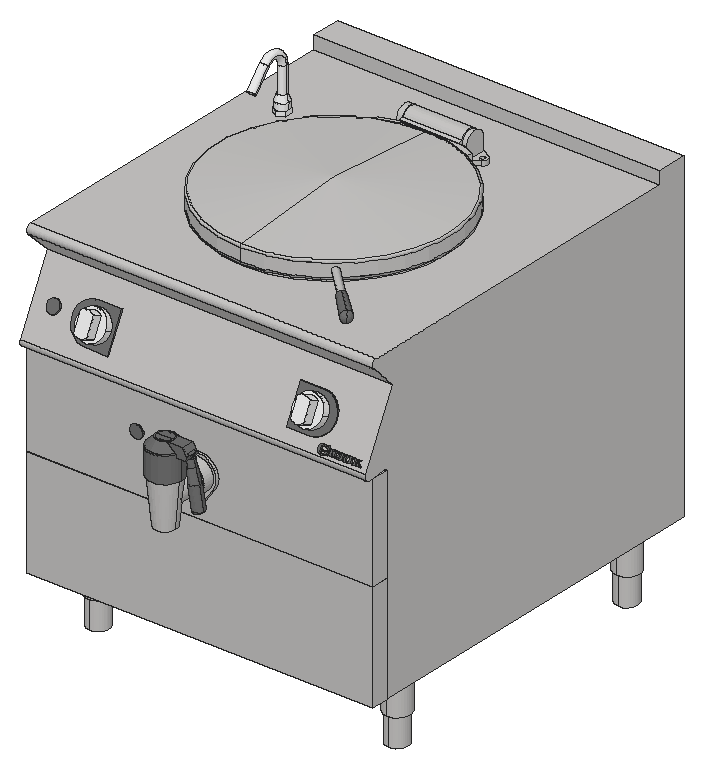
Revit family "QF_GIORIK_PEI915", category Specialty Equipment, Revit 2014
Parameters (values of type "PEI915")
  Weight in Pounds = 440.924
  Watts = 21000 W
  Waste Water Discharge Temperature [instance] = 0 °C
  Volts = 400 V
  URL Cutsheet = "www.giorik.com"
  URL = "www.giorik.com"
  Status [instance] = ""
  Specification by User [instance] = ""
  Specification by Manufacturer = ""
  Show Logo [instance] = yes
  Show Clearance [instance] = yes
  Serial Number = ""
  Seismic Rating = ""
  SMACNA No = ""
  Revision Code [instance] = ""
  Plumbing Remarks [instance] = ""
  Plumbing Connection Type [instance] = ""
  Phase = 3
  Number of Poles [instance] = 3
  NAFEM Spec ID Number = ""
  Model = "PEI915"
  Min Ckt Ampacity = 0 A
  Max Overcurrent Protection = 0 A
  Masterspec = ""
  Manufacturer = "GIORIK"
  Item Number [instance] = ""
  Installed By [instance] = ""
  Indirect Waste Size = 3/4"
  Indirect Waste Flow = 0.0 L/s
  Indirect Waste Connection Type [instance] = ""
  Indirect Waste Connection Height [instance] = 150 mm
  Identify Quantity as Lot [instance] = no
  Hot Water Temperature = 0 °C
  Hot Water Size = 1/2"
  Hot Water RI Height [instance] = 0 mm
  Hot Water Minimum Pressure = 20000.0 Pa
  Hot Water Maximum Pressure = 50000.0 Pa
  Hot Water Flow = 0.0 L/s
  Hot Water Consumption = 0.0 L/s
  Hot Water Connection Height = 150 mm
  HP = "28.161420000000"
  Furnished By [instance] = ""
  Foodservice Equipment Identifier [instance] = yes
  FL Amps = 0 A
  Electrical Remarks [instance] = ""
  Electric Connection Type [instance] = ""
  Elec Conn RI Height [instance] = 0 mm
  Elec Conn Connection Height [instance] = 150 mm
  Description = "150 LITRE ELECTRIC BOILING PAN - INDIRECT HEATING VERSION."
  Cycle = 50 Hz
  Conn Plug = ""
  Conn Conduit [instance] = no
  Cold Water Temperature Recommended = 0 °C
  Cold Water Size = 1/2"
  Cold Water RI Height [instance] = 150 mm
  Cold Water Minimum Pressure = 20000.0 Pa
  Cold Water Maximum Pressure = 50000.0 Pa
  Cold Water Flow [instance] = 0.0 L/s
  Cold Water Consumption [instance] = ""
  Cold Water Connection Height [instance] = 150 mm
  CSI MasterFormat = ""
  Assembly Code = "E1090320"
  Apparent Power = 21000 VA
Reference planes
  plane 1 "Back": y = 0
  plane 2: z = 0
  plane 3 "Left": x = 0
  plane 4 "Right": x = 800
  plane 5 "Front": y = -920
  plane 6 "Top": z = 900
Forms (mm)
  Extrusion 1, solid
    sketch origin (816, 1025.81, 0) x (-1, 0, 0) y (0, -1, 0)
      loop
        line (25, 1086.81) -> (115, 1086.81) -> (115, 1156.81) -> (25, 1156.81) -> (25, 1086.81)
    from 148 to 150
  Extrusion 2, solid
    sketch origin (816, 360.81, 0) x (-1, 0, 0) y (0, -1, 0)
      loop
        line (25, 1086.81) -> (115, 1086.81) -> (115, 1156.81) -> (25, 1156.81) -> (25, 1086.81)
    from 148 to 150
  Revolve 3, solid
    sketch origin (746, 360.81, 0) x (0, 1, 0) y (0, 0, 1)
      loop
        line (-1092.56, 66) -> (-1092.56, 148) -> (-1121.81, 148) -> (-1121.81, 0) -> (-1096.81, 0) -> (-1096.81, 66) -> (-1092.56, 66)
      axis (-1121.81, 0) -> (-1121.81, 148)
    angle from 0 to 360
  Revolve 4, solid
    sketch origin (746, 1025.81, 0) x (0, 1, 0) y (0, 0, 1)
      loop
        line (-1092.56, 66) -> (-1092.56, 148) -> (-1121.81, 148) -> (-1121.81, 0) -> (-1096.81, 0) -> (-1096.81, 66) -> (-1092.56, 66)
      axis (-1121.81, 0) -> (-1121.81, 148)
    angle from 0 to 360
  Extrusion 5, solid
    sketch origin (124, 1025.81, 0) x (-1, 0, 0) y (0, -1, 0)
      loop
        line (25, 1086.81) -> (115, 1086.81) -> (115, 1156.81) -> (25, 1156.81) -> (25, 1086.81)
    from 148 to 150
  Extrusion 6, solid
    sketch origin (124, 360.81, 0) x (-1, 0, 0) y (0, -1, 0)
      loop
        line (25, 1086.81) -> (115, 1086.81) -> (115, 1156.81) -> (25, 1156.81) -> (25, 1086.81)
    from 148 to 150
  Revolve 7, solid
    sketch origin (54, 360.81, 0) x (0, 1, 0) y (0, 0, 1)
      loop
        line (-1092.56, 66) -> (-1092.56, 148) -> (-1121.81, 148) -> (-1121.81, 0) -> (-1096.81, 0) -> (-1096.81, 66) -> (-1092.56, 66)
      axis (-1121.81, 0) -> (-1121.81, 148)
    angle from 0 to 360
  Revolve 8, solid
    sketch origin (54, 1025.81, 0) x (0, 1, 0) y (0, 0, 1)
      loop
        line (-1092.56, 66) -> (-1092.56, 148) -> (-1121.81, 148) -> (-1121.81, 0) -> (-1096.81, 0) -> (-1096.81, 66) -> (-1092.56, 66)
      axis (-1121.81, 0) -> (-1121.81, 148)
    angle from 0 to 360
  Revolve 9, solid
    sketch origin (400, -1035.878, 30.013) x (0, 1, 0) y (0, 0, 1)
      loop
        line (263, 839.987) -> (523.5, 839.987) -> (523.5, 911.488)
        arc (523.5, 911.488) -> (389.852, 905.568) -> (257.251, 887.853) r 1511.497
        arc (257.251, 887.853) -> (254.241, 886.302) -> (253.5, 882.997) r 4
        line (253.5, 882.997) -> (253.5, 853.492)
        arc (253.5, 853.492) -> (254.572, 849.465) -> (258.468, 847.987) r 4.564
        line (258.468, 847.987) -> (263, 847.987) -> (263, 839.987)
      axis (523.5, 911.488) -> (523.5, 839.987)
    angle from 0 to 360
  Extrusion 10, solid
    sketch origin (331, -1525.878, 20.013) x (0, 1, 0) y (0, 0, 1)
      loop
        line (1291, 862) -> (1321, 862)
        arc (1321, 862) -> (1341.196, 898.967) -> (1299.177, 895.988) r 24
        arc (1299.177, 895.988) -> (1295.549, 893.05) -> (1291, 892) r 10.377
        line (1291, 892) -> (1291, 862)
    from 0 to 138
  Extrusion 11, solid
    sketch origin (319, -1525.878, 20.013) x (0, 1, 0) y (0, 0, 1)
      loop
        line (1297, 850) -> (1345, 850) -> (1345, 886)
        arc (1345, 886) -> (1321, 910) -> (1297, 886) r 24
        line (1297, 886) -> (1297, 850)
    from 0 to 12
  Extrusion 12, solid
    sketch origin (0, -1525.878, 870.013) x (0, 1, 0) y (-1, 0, 0)
      loop
        line (1345, -319) -> (1330.367, -295.233)
        arc (1330.367, -295.233) -> (1321, -290) -> (1311.633, -295.233) r 11
        line (1311.633, -295.233) -> (1297, -319) -> (1345, -319)
      loop
        circle (1321, -301) r 5.5
    from 0 to 9
  Extrusion 13, solid
    sketch origin (800, -1525.878, 870.013) x (0, 1, 0) y (-1, 0, 0)
      loop
        line (1345, 319) -> (1297, 319) -> (1311.633, 295.233)
        arc (1311.633, 295.233) -> (1321, 290) -> (1330.367, 295.233) r 11
        line (1330.367, 295.233) -> (1345, 319)
      loop
        circle (1321, 301) r 5.5
    from 0 to 9
  Extrusion 14, solid
    sketch origin (469, -1525.878, 20.013) x (0, 1, 0) y (0, 0, 1)
      loop
        line (1297, 850) -> (1345, 850) -> (1345, 886)
        arc (1345, 886) -> (1321, 910) -> (1297, 886) r 24
        line (1297, 886) -> (1297, 850)
    from 0 to 12
  Extrusion 15, solid
    sketch origin (-20, -900, -21.499) x (1, 0, 0) y (0, 0, 1)
      loop
        arc (455.029, 495.06) -> (420, 563) -> (384.971, 495.06) r 43
        line (384.971, 495.06) -> (408.595, 461.88)
        arc (408.595, 461.88) -> (420, 456) -> (431.405, 461.88) r 14
        line (431.405, 461.88) -> (455.029, 495.06)
      loop
        circle (420, 470) r 5
    from 0 to 6
  Revolve 16, solid
    sketch origin (-20, -1000, -21.499) x (1, 0, 0) y (0, 0, 1)
      loop
        line (420, 560) -> (420, 490) -> (440, 490) -> (440, 454) -> (445, 454) -> (454.5, 560) -> (420, 560)
      axis (420, 454) -> (420, 560)
    angle from 0 to 360
  Revolve 17, solid
    sketch origin (-20, -1000, -21.499) x (1, 0, 0) y (0, 0, 1)
      loop
        line (420, 560) -> (459.015, 560) -> (459.015, 618.943)
        arc (459.015, 618.943) -> (458.824, 619.904) -> (458.279, 620.718) r 2.507
        line (458.279, 620.718) -> (440.712, 638.268)
        arc (440.712, 638.268) -> (439.901, 638.81) -> (438.944, 639) r 2.5
        line (438.944, 639) -> (420, 639) -> (420, 560)
      axis (420, 560) -> (420, 639)
    angle from 0 to 360
  Revolve 18, solid
    sketch origin (400, -100, -21.499) x (0, 1, 0) y (0, 0, 1)
      loop
        line (-900, 520) -> (-806, 520) -> (-806, 556) -> (-833.409, 556)
        arc (-833.409, 556) -> (-835.601, 555.494) -> (-837.349, 554.078) r 5
        line (-837.349, 554.078) -> (-839.034, 551.922)
        arc (-839.034, 551.922) -> (-840.782, 550.506) -> (-842.974, 550) r 5
        line (-842.974, 550) -> (-900, 550) -> (-900, 520)
      axis (-806, 520) -> (-900, 520)
    angle from 0 to 360
  Extrusion 19, solid
    sketch origin (0, -35.878, 882.013) x (0, 1, 0) y (-1, 0, 0)
      loop
        line (-213.194, -290.935) -> (-227.053, -296.675)
        arc (-227.053, -296.675) -> (-206.785, -400) -> (-227.053, -503.325) r 273.514
        line (-227.053, -503.325) -> (-213.194, -509.065)
        arc (-213.194, -509.065) -> (-204.722, -487.451) -> (-199, -464.952) r 186.513
        line (-199, -464.952) -> (-199, -335.048)
        arc (-199, -335.048) -> (-204.722, -312.549) -> (-213.194, -290.935) r 186.513
    from 0 to 30
  Extrusion 20, solid
    sketch origin (0, 1000, -19.915) x (0, 1, 0) y (0, 0, 1)
      loop
        line (-1000, 919.915) -> (-1070, 919.915) -> (-1070, 889.915) -> (-1888.806, 889.915)
        arc (-1888.806, 889.915) -> (-1898.967, 883.461) -> (-1897.445, 871.521) r 11.226
        line (-1897.445, 871.521) -> (-1840.876, 814.952) -> (-1918.948, 661.185)
        arc (-1918.948, 661.185) -> (-1918.233, 650.033) -> (-1908.118, 645.281) r 10.981
        line (-1908.118, 645.281) -> (-1860, 649.852) -> (-1860, 170) -> (-1000, 170) -> (-1000, 919.915)
    from 0 to 800
  Extrusion 21, solid
    sketch origin (820, -985, -21.499) x (-1, 0, 0) y (0, 0, -1)
      loop
        line (368, -639) -> (420, -639) -> (420, -614) -> (364, -614)
        arc (364, -614) -> (359.031, -616.301) -> (358, -621.679) r 6
        line (358, -621.679) -> (368, -639)
    from 0 to 30
  Revolve 22, solid
    sketch origin (820, -1000, -21.499) x (-1, 0, 0) y (0, 0, -1)
      loop
        line (365.701, -595.491) -> (367.06, -595.251) -> (364.458, -563.216) -> (355.081, -510.037)
        arc (355.081, -510.037) -> (353.847, -508.1) -> (351.605, -507.603) r 3
        line (351.605, -507.603) -> (342.25, -509.253) -> (357.704, -596.901) -> (361.964, -621.057) -> (364.84, -620.55) -> (363.426, -612.529) -> (368.546, -611.626) -> (365.701, -595.491)
      axis (361.964, -621.057) -> (342.25, -509.253)
    angle from 0 to 360
  Extrusion 23, solid
    sketch origin (820, -990, -21.499) x (-1, 0, 0) y (0, 0, -1)
      loop
        arc (360.934, -626.761) -> (371.174, -617.461) -> (358, -621.679) r 7.078
        line (358, -621.679) -> (360.934, -626.761)
    from 0 to 20
  Extrusion 24, solid
    sketch origin (0, -887.576, 0) x (1, 0, 0) y (0, 0, 1)
      loop
        circle (254.679, 532.341) r 15
    from 12.424 to 14.424
  Extrusion 25, solid
    sketch origin (-6.328, -1211.709, 64.667) x (1, 0, 0) y (0, 0.452718, 0.891654)
      loop
        circle (55.091, 725.192) r 15
    from 0 to 2
  Extrusion 26, solid
    sketch origin (-202.569, -1214.126, 65.796) x (1, 0, 0) y (0, 0.45351, 0.891251)
      loop
        circle (351.331, 721.346) r 35
    from 0 to 15
  Extrusion 27, solid
    sketch origin (-202.569, -1214.126, 65.796) x (1, 0, 0) y (0, 0.45351, 0.891251)
      loop
        line (336.331, 743.846) -> (336.331, 698.846)
        arc (336.331, 698.846) -> (351.331, 693.846) -> (366.331, 698.846) r 25
        line (366.331, 698.846) -> (366.331, 743.846)
        arc (366.331, 743.846) -> (351.331, 748.846) -> (336.331, 743.846) r 25
    from 15 to 40
  Extrusion 28, solid
    sketch origin (-270.935, -1168.775, 43.201) x (1, 0, 0) y (0, 0.452718, 0.891654)
      loop
        line (463.221, 676.25) -> (463.221, 766.25) -> (409.698, 766.25)
        arc (409.698, 766.25) -> (364.698, 721.25) -> (409.698, 676.25) r 45
        line (409.698, 676.25) -> (463.221, 676.25)
    from 48 to 50
  Extrusion 29, solid
    sketch origin (1002.569, -1214.126, 65.796) x (-1, 0, 0) y (0, -0.45351, -0.891251)
      loop
        circle (351.331, -721.346) r 35
    from 0 to 15
  Extrusion 30, solid
    sketch origin (1002.569, -1214.126, 65.796) x (-1, 0, 0) y (0, -0.45351, -0.891251)
      loop
        arc (336.331, -743.846) -> (351.331, -748.846) -> (366.331, -743.846) r 25
        line (366.331, -743.846) -> (366.331, -698.846)
        arc (366.331, -698.846) -> (351.331, -693.846) -> (336.331, -698.846) r 25
        line (336.331, -698.846) -> (336.331, -743.846)
    from 15 to 40
  Extrusion 31, solid
    sketch origin (1070.935, -1168.775, 43.201) x (-1, 0, 0) y (0, -0.452718, -0.891654)
      loop
        line (463.221, -676.25) -> (409.698, -676.25)
        arc (409.698, -676.25) -> (364.698, -721.25) -> (409.698, -766.25) r 45
        line (409.698, -766.25) -> (463.221, -766.25) -> (463.221, -676.25)
    from 48 to 50
  Extrusion 32, solid, visible <- "Show Logo"
    sketch origin (591.604, -936.761, 608.548) x (-1, 0, 0) y (0, 0.452718, 0.891654)
      loop
        line (-118.824, 58.358) -> (-127.804, 58.358) -> (-125.523, 56.445) -> (-125.523, 48.027) -> (-127.804, 46.113) -> (-118.824, 46.113) -> (-121.105, 48.027) -> (-121.105, 56.445) -> (-118.824, 58.358)
      loop
        line (-163.721, 58.358) -> (-172.7, 58.358) -> (-170.42, 56.445) -> (-170.42, 48.027) -> (-172.7, 46.113) -> (-163.721, 46.113) -> (-166.001, 48.027) -> (-166.001, 56.445) -> (-163.721, 58.358)
      loop
        line (-174.332, 58.358) -> (-183.312, 58.358) -> (-181.031, 56.445) -> (-181.031, 52.435) -> (-186.419, 56.955) -> (-184.416, 58.358) -> (-191.268, 58.358) -> (-188.01, 56.839) -> (-185.455, 54.283) -> (-190.846, 47.858) -> (-193.396, 46.93) -> (-193.396, 46.113) -> (-184.416, 46.113) -> (-185.437, 47.571) -> (-182.443, 51.552) -> (-181.031, 50.894) -> (-181.031, 48.027) -> (-183.312, 46.113) -> (-174.332, 46.113) -> (-176.613, 48.027) -> (-176.613, 56.445) -> (-174.332, 58.358)
      loop
        line (-115.429, 62.063) -> (-115.429, 54.198)
        arc (-115.429, 54.198) -> (-111.618, 57.803) -> (-106.847, 59.986) r 16.039
        arc (-106.847, 59.986) -> (-103.314, 59.837) -> (-100.512, 57.68) r 5.851
        arc (-100.512, 57.68) -> (-98.815, 52.267) -> (-100.512, 46.853) r 9.479
        arc (-100.512, 46.853) -> (-102.406, 44.986) -> (-104.846, 43.93) r 7.236
        arc (-104.846, 43.93) -> (-107.728, 44.111) -> (-110.052, 45.825) r 5.11
        line (-110.052, 45.825) -> (-110.052, 52.001) -> (-116.141, 52.001) -> (-116.141, 45.503) -> (-117.893, 43.751) -> (-114.094, 44.769)
        arc (-114.094, 44.769) -> (-112.56, 44.947) -> (-111.129, 44.366) r 3.115
        arc (-111.129, 44.366) -> (-104.216, 42.091) -> (-97.303, 44.366) r 11.641
        arc (-97.303, 44.366) -> (-93.396, 52.107) -> (-97.303, 59.849) r 9.622
        arc (-97.303, 59.849) -> (-104.369, 62.174) -> (-111.435, 59.849) r 11.898
        line (-111.435, 59.849) -> (-115.429, 62.063)
      loop
        arc (-129.234, 56.068) -> (-135.893, 58.628) -> (-142.552, 56.068) r 9.941
        arc (-142.552, 56.068) -> (-144.234, 52.286) -> (-142.552, 48.505) r 5.093
        arc (-142.552, 48.505) -> (-135.893, 45.945) -> (-129.234, 48.505) r 9.941
        arc (-129.234, 48.505) -> (-127.552, 52.286) -> (-129.234, 56.068) r 5.093
      loop
        arc (-132.628, 54.403) -> (-135.893, 57.668) -> (-139.158, 54.403) r 3.265
        line (-139.158, 54.403) -> (-139.158, 50.169)
        arc (-139.158, 50.169) -> (-135.893, 46.904) -> (-132.628, 50.169) r 3.265
        line (-132.628, 50.169) -> (-132.628, 54.403)
      loop
        arc (-156.363, 58.365) -> (-159.647, 55.081) -> (-156.363, 51.796) r 3.285
        line (-156.363, 51.796) -> (-159.529, 47.306) -> (-162.087, 46.113) -> (-155.847, 46.113) -> (-153.529, 51.083) -> (-150.637, 51.083) -> (-150.637, 47.784) -> (-153.022, 46.113) -> (-144.011, 46.113) -> (-146.094, 47.68) -> (-146.094, 56.493) -> (-144.229, 58.365) -> (-156.363, 58.365)
      loop
        line (-150.637, 57.512) -> (-153.637, 57.512)
        arc (-153.637, 57.512) -> (-156.237, 54.912) -> (-153.637, 52.312) r 2.6
        line (-153.637, 52.312) -> (-150.637, 52.312) -> (-150.637, 57.512)
      loop
        line (-108.924, 52.001) -> (-104.936, 49.005) -> (-100.948, 52.001) -> (-108.924, 52.001)
    from 1.5 to -0.5
  Revolve 33, solid
    sketch origin (735, -285.878, -15) x (-1, 0, 0) y (0, 0, -1)
      loop
        line (635, -895) -> (635, -925) -> (645, -925) -> (650, -910) -> (650, -895) -> (635, -895)
      axis (635, -925) -> (635, -895)
    angle from 0 to 360
  Sweep 34, solid
    path origin (100, -48.878, -15) x (0, 1, 0) y (0, 0, -1)
      loop
        line (-237, -925) -> (-237, -986.382)
        arc (-237, -986.382) -> (-256.494, -1014.482) -> (-289.641, -1006.064) r 30
        line (-289.641, -1006.064) -> (-326.852, -963.258)
    profile origin (100, -285.878, 940.691) x (0, 1, 0) y (-1, 0, 0)
      loop
        circle (0, 0) r 9
  Extrusion 35, solid
    sketch origin (1534.526, 259.652, 885) x (0.975272, 0.221007, 0) y (-0.221007, 0.975272, 0)
      loop
        line (-1502.427, -209.668) -> (-1515.641, -197.445) -> (-1532.833, -202.777) -> (-1536.811, -220.332) -> (-1523.598, -232.555) -> (-1506.406, -227.223) -> (-1502.427, -209.668)
    from -15 to -5
  Extrusion 36, solid
    sketch origin (0, -200, 0) x (0, 1, 0) y (0, 0, 1)
      loop
        line (-660, 624.427) -> (-700, 624.427) -> (-700, 401.427) -> (-660, 401.427) -> (-660, 624.427)
    from 0 to 800
  Extrusion 37, solid
    sketch origin (0, -200, -240) x (0, 1, 0) y (0, 0, 1)
      loop
        line (-660, 640) -> (-700, 640) -> (-700, 390) -> (-660, 390) -> (-660, 640)
    from 0 to 800
  Extrusion 38, solid
    sketch origin (130, -300, 100.085) x (0, 1, 0) y (-1, 0, 0)
      loop
        circle (0, 0) r 6.5
    from 30 to 50
  Extrusion 39, solid
    sketch origin (50, -456, 100.085) x (0, 1, 0) y (-1, 0, 0)
      loop
        circle (-160, 0) r 12.5
    from 30 to 50
  Extrusion 40, solid
    sketch origin (104, -257, 100.085) x (0, 1, 0) y (-1, 0, 0)
      loop
        circle (-70, 0) r 6.5
    from 30 to 50
  Extrusion 41, solid, visible <- "Show Clearance", detail levels coarse
    sketch origin (130, -100, 70.961) x (0, 1, 0) y (0, 0, 1)
      loop
        arc (-80.878, 1446.904) -> (-506.111, 1271.7) -> (-682.378, 846.906) r 600
        line (-682.378, 846.906) -> (-80.878, 846.906) -> (-80.878, 1446.904)
    from 0 to 540
  Extrusion 42, solid
    sketch origin (170, -585, 900) x (0, 1, 0) y (-1, 0, 0)
      loop
        circle (0, 0) r 12.5
    from -750 to -769.915
  Revolve 43, solid
    sketch origin (160.983, -309.817, -52.393) x (-0.707107, 0.707107, 0) y (0, 0, -1)
      loop
        line (-671.931, -950.485) -> (-763.471, -950.485)
        arc (-763.471, -950.485) -> (-759.812, -959.317) -> (-750.98, -962.976) r 12.491
        line (-750.98, -962.976) -> (-671.931, -960.125) -> (-671.931, -950.485)
      axis (-671.931, -950.485) -> (-763.471, -950.485)
    angle from 0 to 360
  Extrusion 44, solid
    sketch origin (1359.702, -377.165, -52.393) x (-0.707107, -0.707107, 0) y (0, 0, -1)
      loop
        circle (800, -950.485) r 7.5
    from -223.314 to -315.051
Lines and regions (mm)
  symbolic lines, style "200-EquipBorder-2D"
    curve 1: line (0, -920, 0) -> (800, -920, 0)
    curve 2: line (800, -920, 0) -> (800, 0, 0)
    curve 3: line (800, 0, 0) -> (0, 0, 0)
    curve 4: line (0, 0, 0) -> (0, -920, 0)
    curve 40: arc (436.017, -985, 900) -> (360.985, -1000, 900) -> (436.017, -1015, 900) r 39.015
    curve 41: line (400, -1015, 900) -> (462.241, -1015, 900)
    curve 42: line (400, -985, 900) -> (400, -1015, 900)
    curve 43: line (462.241, -985, 900) -> (400, -985, 900)
    curve 44: line (462.241, -985, 900) -> (462.241, -1015, 900)
    curve 45: line (430.006, -975.063, 900) -> (430.006, -943.838, 900)
    curve 46: line (435.935, -933.569, 900) -> (435.935, -920, 900)
    curve 47: line (369.994, -975.063, 900) -> (369.994, -943.838, 900)
    curve 48: line (364.008, -933.469, 900) -> (364.008, -920, 900)
    curve 49: arc (369.994, -943.838, 900) -> (369.061, -940.356, 900) -> (366.512, -937.806, 900) r 6.965
    curve 50: arc (366.512, -937.806, 900) -> (364.679, -935.973, 900) -> (364.008, -933.469, 900) r 5.008
    curve 51: arc (430.006, -943.838, 900) -> (430.791, -940.279, 900) -> (433.481, -937.819, 900) r 6.041
    curve 52: arc (433.481, -937.819, 900) -> (435.38, -936.082, 900) -> (435.935, -933.569, 900) r 4.265
    curve 53: line (477.501, -987.499, 900) -> (467.858, -987.499, 900)
    curve 54: line (467.858, -1012.499, 900) -> (477.501, -1012.499, 900)
    curve 55: arc (477.501, -1012.499, 900) -> (490.001, -999.999, 900) -> (477.501, -987.499, 900) r 12.5
    curve 56: arc (467.858, -987.499, 900) -> (464.972, -987.837, 900) -> (462.241, -988.832, 900) r 12.5
    curve 57: arc (462.241, -1011.166, 900) -> (464.972, -1012.162, 900) -> (467.858, -1012.499, 900) r 12.5
    curve 73: line (163.763, -932.843, 900) -> (163.763, -920, 900)
    curve 74: arc (163.763, -932.843, 900) -> (148.758, -935.182, 900) -> (133.763, -932.783, 900) r 48.682
    curve 75: arc (636.237, -932.843, 900) -> (651.241, -935.173, 900) -> (666.237, -932.801, 900) r 49.042
    curve 76: line (636.237, -932.843, 900) -> (636.237, -920, 900)
    curve 77: line (133.763, -932.783, 900) -> (133.763, -920, 900)
    curve 78: line (666.237, -932.801, 900) -> (666.237, -920, 900)
  symbolic lines, style "200-EquipInternal-2D"
    curve 5: line (171.031, -35, 900) -> (629, -35, 900)
    curve 6: line (629, -32, 900) -> (171.031, -32, 900)
    curve 7: line (168, -25, 900) -> (632, -25, 900)
    curve 8: line (632, -22, 900) -> (168, -22, 900)
    curve 9: line (165, -15, 900) -> (635, -15, 900)
    curve 10: line (635, -12, 900) -> (165, -12, 900)
    curve 11: line (168, -22, 900) -> (168, -25, 900)
    curve 12: line (171.031, -32, 900) -> (171.031, -35, 900)
    curve 13: line (165, -12, 900) -> (165, -15, 900)
    curve 14: line (635, -15, 900) -> (635, -12, 900)
    curve 15: line (632, -25, 900) -> (632, -22, 900)
    curve 16: line (629, -35, 900) -> (629, -32, 900)
    curve 17: line (0, -70, 900) -> (800, -70, 900)
    curve 18: arc (400, -782.378, 900) -> (130, -512.378, 900) -> (400, -242.378, 900) r 270
    curve 19: arc (400, -246.129, 900) -> (133.751, -512.378, 900) -> (400, -778.627, 900) r 266.249
    curve 20: arc (400, -778.627, 900) -> (666.249, -512.378, 900) -> (400, -246.129, 900) r 266.249
    curve 21: arc (400, -242.378, 900) -> (670, -512.378, 900) -> (400, -782.378, 900) r 270
    curve 22: line (290.935, -249.072, 900) -> (296.675, -262.931, 900)
    curve 23: arc (335.048, -234.878, 900) -> (312.549, -240.6, 900) -> (290.935, -249.072, 900) r 186.513
    curve 24: line (295.233, -214.245, 900) -> (319, -228.878, 900)
    curve 25: arc (295.233, -195.511, 900) -> (290, -204.878, 900) -> (295.233, -214.245, 900) r 11
    curve 26: line (319, -180.878, 900) -> (295.233, -195.511, 900)
    curve 27: arc (301, -199.378, 900) -> (306.5, -204.878, 900) -> (301, -210.378, 900) r 5.5
    curve 28: arc (301, -210.378, 900) -> (295.5, -204.878, 900) -> (301, -199.378, 900) r 5.5
    curve 29: line (481, -180.878, 900) -> (319, -180.878, 900)
    curve 30: line (319, -228.878, 900) -> (331, -228.878, 900)
    curve 31: line (469, -234.878, 900) -> (331, -234.878, 900)
    curve 32: line (469, -228.878, 900) -> (481, -228.878, 900)
    curve 33: line (481, -228.878, 900) -> (504.767, -214.245, 900)
    curve 34: arc (499, -210.378, 900) -> (493.5, -204.878, 900) -> (499, -199.378, 900) r 5.5
    curve 35: arc (499, -199.378, 900) -> (504.5, -204.878, 900) -> (499, -210.378, 900) r 5.5
    curve 36: arc (504.767, -214.245, 900) -> (510, -204.878, 900) -> (504.767, -195.511, 900) r 11
    curve 37: line (504.767, -195.511, 900) -> (481, -180.878, 900)
    curve 38: line (469, -234.878, 900) -> (469, -228.878, 900)
    curve 39: line (331, -234.878, 900) -> (331, -228.878, 900)
    curve 58: line (84.412, -276.878, 900) -> (84.412, -294.878, 900)
    curve 59: line (100, -267.878, 900) -> (84.412, -276.878, 900)
    curve 60: line (115.588, -276.878, 900) -> (100, -267.878, 900)
    curve 61: line (115.588, -294.878, 900) -> (115.588, -276.878, 900)
    curve 62: arc (91, -285.878, 900) -> (100, -276.878, 900) -> (109, -285.878, 900) r 9
    curve 63: spline (109, -375.73, 900) -> (108.693, -377.488, 900) -> (107.794, -379.126, 900) -> (106.364, -380.533, 900) -> (104.5, -381.612, 900) -> (102.329, -382.291, 900) -> (100, -382.522, 900) -> (97.671, -382.291, 900) -> (95.5, -381.612, 900) -> (93.636, -380.533, 900) -> (92.206, -379.126, 900) -> (91.307, -377.488, 900) -> (91, -375.73, 900)
    curve 64: line (109, -285.878, 900) -> (109, -375.73, 900)
    curve 65: line (91, -375.73, 900) -> (91, -285.878, 900)
    curve 66: line (84.412, -294.878, 900) -> (91, -298.682, 900)
    curve 67: line (109, -298.682, 900) -> (115.588, -294.878, 900)
    curve 68: arc (509.065, -249.072, 900) -> (487.451, -240.6, 900) -> (464.952, -234.878, 900) r 186.513
    curve 69: line (503.325, -262.931, 900) -> (509.065, -249.072, 900)
    curve 70: arc (115, -285.878, 900) -> (113.416, -292.586, 900) -> (109, -297.878, 900) r 15
    curve 71: arc (85, -285.878, 900) -> (100, -270.878, 900) -> (115, -285.878, 900) r 15
    curve 72: arc (91, -297.878, 900) -> (86.584, -292.586, 900) -> (85, -285.878, 900) r 15
    curve 79: line (642.926, -778.127, 900) -> (629.294, -791.759, 900)
    curve 80: line (629.294, -791.759, 900) -> (683.174, -849.672, 900)
    curve 81: line (642.926, -778.127, 900) -> (700.839, -832.008, 900)
    curve 82: arc (700.839, -832.008, 900) -> (700.831, -849.665, 900) -> (683.174, -849.672, 900) r 12.491
    curve 83: line (641.413, -779.64, 900) -> (576.546, -714.773, 900)
    curve 84: line (630.807, -790.247, 900) -> (565.939, -725.379, 900)
Dimensions and locks
  plane 3 "Left" to plane 4 "Right" = 800 mm
  plane 5 "Front" to plane 1 "Back" = 920 mm
  plane 4 "Right" to plane 3 "Left" = 800 mm
  plane 1 "Back" to plane 5 "Front" = 920 mm
  plane 6 "Top" to level = 900 mm  (x2)
  aligned and locked: level to plane 2
Connectors
  piping at (130, -300, 130.085), diameter 12.7, driven by "Hot Water Size", driven by "Hot Water Flow"
    settings: on Extrusion 38, index 1, connector inside diameter 24", connector length 0 mm, flow factor 0, pipe flow 0.0 L/s, pressure drop 0.0 Pa, fitting loss kfactor 0, connector angle 0.00°, fixture units 0, engagement length 0 mm, angle of deflection 0.00°, flow configuration 1, flow direction 1, fitting loss method 0, system type 19, joint type 0, gender type 0, connector reference index -1, connector utility 0, adjustable connector no, is connector primary yes, connector description "Hot Water Inlet"
  piping at (104, -327, 130.085), diameter 12.7, driven by "Cold Water Size", driven by "Cold Water Flow"
    settings: on Extrusion 40, index 2, connector inside diameter 24", connector length 0 mm, flow factor 0, pipe flow 0.0 L/s, pressure drop 0.0 Pa, fitting loss kfactor 0, connector angle 0.00°, fixture units 0, engagement length 0 mm, angle of deflection 0.00°, flow configuration 1, flow direction 1, fitting loss method 0, system type 20, joint type 0, gender type 0, connector reference index -1, connector utility 0, adjustable connector no, is connector primary no, connector description "Cold Water Inlet"
  piping at (170, -585, 130.085), diameter 19.05, driven by "Indirect Waste Size", driven by "Indirect Waste Flow"
    settings: on Extrusion 42, index 4, connector inside diameter 24", connector length 0 mm, flow factor 0, pipe flow 0.0 L/s, pressure drop 0.0 Pa, fitting loss kfactor 0, connector angle 0.00°, fixture units 0, engagement length 0 mm, angle of deflection 0.00°, flow configuration 1, flow direction 2, fitting loss method 0, system type 16, joint type 0, gender type 0, connector reference index -1, connector utility 0, adjustable connector no, is connector primary no, connector description "Drain connection"
  electrical at (50, -616, 130.085), driven by "Apparent Power", driven by "Volts", driven by "Number of Poles"
    settings: on Extrusion 39, index 5, voltage 400 V, apparent load 0 VA, apparent load phase1 21000 VA, apparent load phase2 0 VA, apparent load phase3 0 VA, power factor 1, load classification "Other", number of poles 3, system type 31, power factor state 1, is connector primary yes, connector utility no, sub classification motor no, connector description "Electrical connection"
